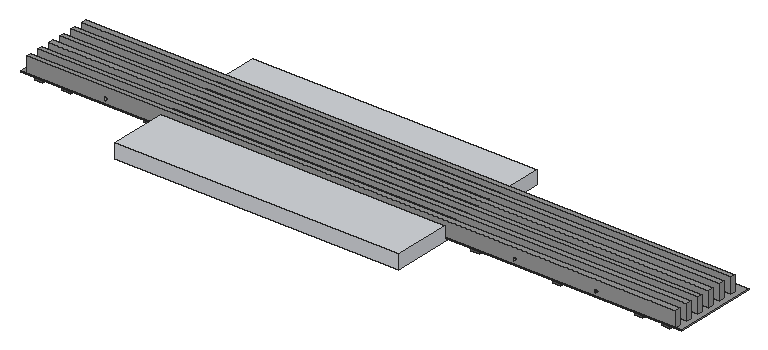
Revit family "1413-6, Solid", category Generic Models, host Face, Revit 2020
Family settings
  Host = Face
  Can host rebar = No
  Round Connector Dimension = Use Diameter
  Part Type = Normal
  Cut with Voids When Loaded = No
  Shared = No
  Room Calculation Point = No
Parameters
  min_value [instance] = 2' - 4"  # constant formula
  max_value [instance] = 11' - 11 1/4"  # constant formula
  actual_value [instance] = if(NET LENGTH < min_value, min_value, if(NET LENGTH > max_value, max_value, NET LENGTH))  # 7' - 11 1/4"
  SCRIM MATERIAL [instance] = SCRIM
  SCRIM APPEARANCE [instance] = yes
  NET LENGTH [instance] = 7' - 11 1/4"
  IMPORTANT NOTE!!!                                                                             *Backer & dowel layout is for visualization purposes only, final layout to be determined by 9Wood. [instance] = ""
  Default Elevation = 4' - 0"
  DOWEL RADIUS [instance] = 0' - 0 1/4"  # constant formula
  BACKER & DOWEL MATERIAL [instance] = BLACK-BACKERS
  .. MEMBER WIDTH [instance] = 0' - 0 3/4"  # constant formula
  .. MEMBER MATERIAL [instance] = Solid Western Hemlock
  .. MEMBER DEPTH [instance] = 0' - 2 1/4"  # constant formula
  .. MEMBER COUNT [instance] = 6  # constant formula
Reference planes (in)
  plane 1 "Center (Front/Back)": y = 0
  plane 2: z = 0
  plane 3 "Center (Left/Right)": x = 0
Forms (in)
  Extrusion 1, solid
    sketch origin (0, 0, 0) x (1, 0, 0) y (0, 1, 0)
      loop
        line (-24.24823, 14.63962) -> (-24.24823, -10.69266) -> (17.36192, -10.69266) -> (17.36192, 14.63962) -> (-24.24823, 14.63962)
    from 0 to 2.0625
Dimensions and locks (in)
  aligned and locked: plane 2 to Extrusion 1
Nested families (in)
  nested 1: "1400 series" at (-44.01308, -2.1224, 0.00189), NET LENGTH <- "actual_value", .. MEMBER DEPTH <- ".. MEMBER DEPTH", .. MEMBER WIDTH <- ".. MEMBER WIDTH", DOWEL RADIUS <- "DOWEL RADIUS", BACKER & DOWEL MATERIAL <- "BACKER & DOWEL MATERIAL", .. MEMBER MATERIAL <- ".. MEMBER MATERIAL", SCRIM MATERIAL <- "SCRIM MATERIAL", MEMBER COUNT <- ".. MEMBER COUNT", SCRIM APPEARANCE <- "SCRIM APPEARANCE", type "1400 series"
    with X 7' - 8", SCRIM MATERIAL SCRIM, SCRIM LENGTH 8' - 1", SCRIM APPEARANCE yes, SCRIM 2 0' - 0 7/8", SCRIM 1 0' - 0 3/32", OC TYP 1' - 0", NET LENGTH 7' - 11 1/4", N 8, MEMBER COUNT 6, INSET 2 0' - 0 3/16", INSET 0' - 1", HALF MEMBER WIDTH 0' - 0 3/8", END BACKER yes, DOWEL RADIUS 0' - 0 1/4", DOWEL INDEX 0' - 11 5/8", DOWEL COUNT 7, BACKING M COUNT 8, BACKER WIDTH 0' - 1 1/4", BACKER INDEX 0' - 5 5/8", BACKER DEPTH 0' - 0 1/2", BACKER & DOWEL MATERIAL BLACK-BACKERS, BACKER &  DOWEL LENGTH 0' - 11 7/8", .. MEMBER WIDTH 0' - 0 3/4", .. MEMBER OC TYP 0' - 2", .. MEMBER MATERIAL Solid Western Hemlock, .. MEMBER DEPTH 0' - 2 1/4"
Definition of nested family "1400 series"
  Parameters (values of type "1400 series")
    X [instance] = NET LENGTH - 0' 3 1/4"  # 7' - 2"
    SCRIM MATERIAL [instance] = none
    SCRIM APPEARANCE [instance] = yes
    SCRIM 2 [instance] = 0' - 0 7/8"  # constant formula
    SCRIM 1 [instance] = 0' - 0 3/32"  # constant formula
    OC TYP [instance] = 1' - 0"  # constant formula
    N [instance] = if((X - (rounddown(X / 1' 0") * 1' 0")) > 1' 0", rounddown(X / 1' 0") + 2, rounddown(X / 1' 0") + 1)  # 8
    MEMBER COUNT [instance] = 2
    INSET 5 = 0' - 0 11/16"  # constant formula
    INSET 2 [instance] = 0' - 0 3/16"  # constant formula
    INSET [instance] = 0' - 1"  # constant formula
    END BACKER [instance] = BACKER INDEX > 0' 3 5/8"  # no
    HALF MEMBER WIDTH [instance] = .. MEMBER WIDTH / 2  # 0' - 1 1/8"
    Default Elevation = 0' - 0"
    DOWEL RADIUS [instance] = 0' - 0 1/4"
    DOWEL INDEX [instance] = BACKER INDEX + 0' 6"  # 0' - 8 5/8"
    DOWEL COUNT [instance] = N - 1  # 7
    BACKER WIDTH [instance] = 0' - 1 1/4"  # constant formula
    BACKER INDEX [instance] = (NET LENGTH - ((N - 1) * 1' 0")) / 2  # 0' - 2 5/8"
    BACKER DEPTH [instance] = 0' - 0 1/2"  # constant formula
    BACKING M COUNT [instance] = N  # 8
    BACKER & DOWEL MATERIAL [instance] = none
    BACKER &  DOWEL LENGTH [instance] = 0' - 11 7/8"  # constant formula
    SCRIM LENGTH [instance] = NET LENGTH + (SCRIM 2 * 2)  # 7' - 7"
    .. MEMBER WIDTH [instance] = 0' - 2 1/4"
    .. MEMBER OC TYP [instance] = 1' 0" / MEMBER COUNT  # 0' - 6"
    .. MEMBER MATERIAL [instance] = none
    NET LENGTH [instance] = 7' - 5 1/4"
    .. MEMBER DEPTH [instance] = 0' - 4"
  Reference planes (in)
    plane 1 "Center (Front/Back)": y = 0
    plane 2: z = 0
    plane 3 "Center (Left/Right)": x = 0
    plane 4: x = 89.25
    plane 5: x = 1
    plane 6: x = 88.25
    plane 7: x = 2.625
    plane 8: x = 8.625
    plane 9: x = 14.625
    plane 10: x = 20.625
    plane 11: y = 0.1875
    plane 12: y = 1.125
    plane 13: y = 7.125
    plane 14: y = 12.0625
    plane 15: x = 90.125
    plane 16: x = -0.875
    plane 17: y = 12.15625
    plane 18: y = -0.09375
    plane 19: z = 2.7097
    plane 20: z = 0.49811
    plane 21: z = 0.56061
    plane 22: z = 1.24811
  Lines and regions (in)
    model lines, not visible
      curve 1: line (8.625, 0, 0.99811) -> (8.625, 0, 1.49811)
      curve 2: line (8.625, 0, 1.49811) -> (8.375, 0, 1.24811)
      curve 3: line (8.375, 0, 1.24811) -> (8.875, 0, 1.24811)
      curve 4: line (20.625, 0, 0.99811) -> (20.625, 0, 1.49811)
      curve 5: line (20.625, 0, 1.49811) -> (20.375, 0, 1.24811)
      curve 6: line (20.375, 0, 1.24811) -> (20.875, 0, 1.24811)
      curve 7: line (32.625, 0, 0.99811) -> (32.625, 0, 1.49811)
      curve 8: line (32.625, 0, 1.49811) -> (32.375, 0, 1.24811)
      curve 9: line (32.375, 0, 1.24811) -> (32.875, 0, 1.24811)
      curve 10: line (44.625, 0, 0.99811) -> (44.625, 0, 1.49811)
      curve 11: line (44.625, 0, 1.49811) -> (44.375, 0, 1.24811)
      curve 12: line (44.375, 0, 1.24811) -> (44.875, 0, 1.24811)
      curve 13: line (56.625, 0, 0.99811) -> (56.625, 0, 1.49811)
      curve 14: line (56.625, 0, 1.49811) -> (56.375, 0, 1.24811)
      curve 15: line (56.375, 0, 1.24811) -> (56.875, 0, 1.24811)
      curve 16: line (68.625, 0, 0.99811) -> (68.625, 0, 1.49811)
      curve 17: line (68.625, 0, 1.49811) -> (68.375, 0, 1.24811)
      curve 18: line (68.375, 0, 1.24811) -> (68.875, 0, 1.24811)
      curve 19: line (80.625, 0, 0.99811) -> (80.625, 0, 1.49811)
      curve 20: line (80.625, 0, 1.49811) -> (80.375, 0, 1.24811)
      curve 21: line (80.375, 0, 1.24811) -> (80.875, 0, 1.24811)
  Dimensions and locks (in)
    "INSET": plane 3 "Center (Left/Right)" to plane 5
    "NET LENGTH": plane 3 "Center (Left/Right)" to plane 4
    "INSET": plane 6 to plane 4
    "BACKER INDEX": plane 3 "Center (Left/Right)" to plane 7
    "DOWEL INDEX": plane 3 "Center (Left/Right)" to plane 8
    "OC TYP": plane 7 to plane 9
    "OC TYP": plane 8 to plane 10
    "INSET 2": plane 1 "Center (Front/Back)" to plane 11
    equal spacing: group 1, group 2, group 5, group 6, group 7, group 13, group 14, group 16  (x3)
    equal spacing: group 3, group 4, group 8, group 9, group 10, group 15, group 17  (x3)
    group 11 to group 12 = 0' - 0"  (x2)
    group 11 to group 12 = 0' - 6"
    ".. MEMBER OC TYP": plane 13 to plane 12
    "HALF MEMBER WIDTH": plane 1 "Center (Front/Back)" to plane 12
    "SCRIM 2": plane 16 to plane 3 "Center (Left/Right)"
    "SCRIM 2": plane 4 to plane 15
    "SCRIM 1": plane 18 to plane 1 "Center (Front/Back)"
    "SCRIM 1": plane 17 to plane 14
    "INSET 5": plane 22 to plane 21
    aligned and locked: level to plane 2
    aligned and locked: plane 7 to nested 2
    aligned and locked: plane 5 to nested 1
    aligned and locked: plane 9 to nested 3
    aligned and locked: nested 1 to plane 5
    aligned and locked: nested 2 to plane 11
    aligned and locked: nested 1 to plane 11
    aligned and locked: nested 3 to plane 11
    aligned and locked: nested 4 to plane 11  (x2)
    aligned and locked: plane 10 to nested 5
    aligned and locked: plane 6 to nested 12
    aligned and locked: nested 5 to plane 11
    aligned and locked: plane 11 to nested 12
    aligned and locked: plane 12 to nested 13
    aligned and locked: nested 14 to plane 13
    aligned and locked: plane 14 to nested 8
    aligned and locked: plane 16 to nested 15
    aligned and locked: nested 15 to plane 18
    aligned and locked: nested 15 to plane 17
    aligned and locked: nested 15 to plane 16  (x2)
    aligned and locked: nested 1 to level
    aligned and locked: level to nested 3
    aligned and locked: plane 20 to nested 2
    aligned and locked: plane 20 to nested 1
    aligned and locked: plane 20 to nested 3
    aligned and locked: nested 12 to plane 20
    aligned and locked: nested 15 to plane 20
    aligned and locked: plane 21 to nested 15
    aligned and locked: nested 13 to plane 21
    aligned and locked: plane 22 to nested 4
    aligned and locked: plane 22 to nested 5
    aligned and locked: nested 13 to plane 8
    aligned and locked: plane 10 to nested 13
    aligned and locked: curve 1 to nested 13
    aligned and locked: nested 13 to curve 4
  Automatic sketch dimensions
    curve 3 to curve 1 = 0' - 0 1/4"  (x2)
    curve 1 to curve 3 = 0' - 0 1/4"
    curve 1 to curve 2 = 0' - 0 1/4"
    curve 6 to curve 4 = 0' - 0 1/4"  (x2)
    curve 4 to curve 6 = 0' - 0 1/4"
    curve 4 to curve 5 = 0' - 0 1/4"
    curve 9 to curve 7 = 0' - 0 1/4"  (x2)
    curve 7 to curve 9 = 0' - 0 1/4"
    curve 7 to curve 8 = 0' - 0 1/4"
    curve 12 to curve 10 = 0' - 0 1/4"  (x2)
    curve 10 to curve 12 = 0' - 0 1/4"
    curve 10 to curve 11 = 0' - 0 1/4"
    curve 15 to curve 13 = 0' - 0 1/4"  (x2)
    curve 13 to curve 15 = 0' - 0 1/4"
    curve 13 to curve 14 = 0' - 0 1/4"
    curve 18 to curve 16 = 0' - 0 1/4"  (x2)
    curve 16 to curve 18 = 0' - 0 1/4"
    curve 16 to curve 17 = 0' - 0 1/4"
    curve 21 to curve 19 = 0' - 0 1/4"  (x2)
    curve 19 to curve 21 = 0' - 0 1/4"
    curve 19 to curve 20 = 0' - 0 1/4"
  Nested families (in)
    nested 1: "INSTANCE - 3RD -  EXTEND BOTH SIDES - Parametric Cube.0001" at (1, 0.1875, 0.49811), Length <- "BACKER &  DOWEL LENGTH", Width <- "BACKER WIDTH", Height <- "BACKER DEPTH", Material <- "BACKER & DOWEL MATERIAL", visible <- "END BACKER", type "INSTANCE - 3RD -  EXTEND BOTH SIDES - Parametric Cube.0001"
      with Width 0' - 1 1/4", Material none, Length 0' - 11 7/8", Height 0' - 0 1/2"
    nested 2: "INSTANCE - 2ND -  EXTEND SIDE H CENTER W - Parametric Cube.0001" at (2.625, 0.1875, 0.49811), Width <- "BACKER WIDTH", Length <- "BACKER &  DOWEL LENGTH", Height <- "BACKER DEPTH", Material <- "BACKER & DOWEL MATERIAL", type "INSTANCE - 2ND -  EXTEND SIDE H CENTER W - Parametric Cube.0001"
      with Width 0' - 1 1/4", Material none, Length 0' - 11 7/8", Height 0' - 0 1/2"
    nested 3: "INSTANCE - 2ND -  EXTEND SIDE H CENTER W - Parametric Cube.0001" at (14.625, 0.1875, 0.49811), Width <- "BACKER WIDTH", Length <- "BACKER &  DOWEL LENGTH", Height <- "BACKER DEPTH", Material <- "BACKER & DOWEL MATERIAL", type "INSTANCE - 2ND -  EXTEND SIDE H CENTER W - Parametric Cube.0001"
      with Width 0' - 1 1/4", Material none, Length 0' - 11 7/8", Height 0' - 0 1/2"
    nested 4: "DOWEL" at (-1.375, 0.1875, 1.24811), DOWEL LENGTH <- "BACKER &  DOWEL LENGTH", DOWEL RADII <- "DOWEL RADIUS", BACKING MEM MATERIAL <- "BACKER & DOWEL MATERIAL", type "DOWEL"
      with DOWEL RADII 0' - 0 1/4", DOWEL LENGTH 0' - 11 7/8", BACKING MEM MATERIAL none
    nested 5: "DOWEL" at (10.625, 0.1875, 1.24811), DOWEL LENGTH <- "BACKER &  DOWEL LENGTH", DOWEL RADII <- "DOWEL RADIUS", BACKING MEM MATERIAL <- "BACKER & DOWEL MATERIAL", type "DOWEL"
      with DOWEL RADII 0' - 0 1/4", DOWEL LENGTH 0' - 11 7/8", BACKING MEM MATERIAL none
    nested 6: "INSTANCE - 2ND -  EXTEND SIDE H CENTER W - Parametric Cube.0001" at (26.625, 0.1875, 0.49811), Width <- "BACKER WIDTH", Length <- "BACKER &  DOWEL LENGTH", Height <- "BACKER DEPTH", Material <- "BACKER & DOWEL MATERIAL", type "INSTANCE - 2ND -  EXTEND SIDE H CENTER W - Parametric Cube.0001"
      with Width 0' - 1 1/4", Material none, Length 0' - 11 7/8", Height 0' - 0 1/2"
    nested 7: "INSTANCE - 2ND -  EXTEND SIDE H CENTER W - Parametric Cube.0001" at (38.625, 0.1875, 0.49811), Width <- "BACKER WIDTH", Length <- "BACKER &  DOWEL LENGTH", Height <- "BACKER DEPTH", Material <- "BACKER & DOWEL MATERIAL", type "INSTANCE - 2ND -  EXTEND SIDE H CENTER W - Parametric Cube.0001"
      with Width 0' - 1 1/4", Material none, Length 0' - 11 7/8", Height 0' - 0 1/2"
    nested 8: "INSTANCE - 2ND -  EXTEND SIDE H CENTER W - Parametric Cube.0001" at (50.625, 0.1875, 0.49811), Width <- "BACKER WIDTH", Length <- "BACKER &  DOWEL LENGTH", Height <- "BACKER DEPTH", Material <- "BACKER & DOWEL MATERIAL", type "INSTANCE - 2ND -  EXTEND SIDE H CENTER W - Parametric Cube.0001"
      with Width 0' - 1 1/4", Material none, Length 0' - 11 7/8", Height 0' - 0 1/2"
    nested 9: "DOWEL" at (22.625, 0.1875, 1.24811), DOWEL LENGTH <- "BACKER &  DOWEL LENGTH", DOWEL RADII <- "DOWEL RADIUS", BACKING MEM MATERIAL <- "BACKER & DOWEL MATERIAL", type "DOWEL"
      with DOWEL RADII 0' - 0 1/4", DOWEL LENGTH 0' - 11 7/8", BACKING MEM MATERIAL none
    nested 10: "DOWEL" at (34.625, 0.1875, 1.24811), DOWEL LENGTH <- "BACKER &  DOWEL LENGTH", DOWEL RADII <- "DOWEL RADIUS", BACKING MEM MATERIAL <- "BACKER & DOWEL MATERIAL", type "DOWEL"
      with DOWEL RADII 0' - 0 1/4", DOWEL LENGTH 0' - 11 7/8", BACKING MEM MATERIAL none
    nested 11: "DOWEL" at (46.625, 0.1875, 1.24811), DOWEL LENGTH <- "BACKER &  DOWEL LENGTH", DOWEL RADII <- "DOWEL RADIUS", BACKING MEM MATERIAL <- "BACKER & DOWEL MATERIAL", type "DOWEL"
      with DOWEL RADII 0' - 0 1/4", DOWEL LENGTH 0' - 11 7/8", BACKING MEM MATERIAL none
    nested 12: "INSTANCE - 3RD -  EXTEND BOTH SIDES - Parametric Cube.0001" at (88.25, 0.1875, 0.49811) x (-1, 0, 0) z (0, 0, 1), Width <- "BACKER WIDTH", Length <- "BACKER &  DOWEL LENGTH", Height <- "BACKER DEPTH", Material <- "BACKER & DOWEL MATERIAL", visible <- "END BACKER", type "INSTANCE - 3RD -  EXTEND BOTH SIDES - Parametric Cube.0001"
      with Width 0' - 1 1/4", Material none, Length 0' - 11 7/8", Height 0' - 0 1/2"
    nested 13: "HOLED MEMBER" at (0, -9.75, 8.12965), DOWEL INDEX <- "DOWEL INDEX", .. MEMBER LENGTH <- "NET LENGTH", .. MEMBER WIDTH <- ".. MEMBER WIDTH", DOWEL OC DIST <- "OC TYP", DOWEL RADII <- "DOWEL RADIUS", Material <- ".. MEMBER MATERIAL", DEPTH <- ".. MEMBER DEPTH", DOWEL COUNT <- "DOWEL COUNT", Space <- "INSET 5", type "HOLED MEMBER"
      with Space 0' - 0 11/16", Material none, Height 0' - 10.43096", HALF MEMBER WIDTH 0' - 1 1/8", DOWEL RADII 0' - 0 1/4", DOWEL OC DIST 1' - 0", DOWEL INDEX 0' - 8 5/8", DOWEL COUNT 7, DEPTH 0' - 4", .. MEMBER WIDTH 0' - 2 1/4", .. MEMBER LENGTH 7' - 5 1/4"
    nested 14: "HOLED MEMBER" at (0, -3.75, 8.12965), DOWEL INDEX <- "DOWEL INDEX", .. MEMBER LENGTH <- "NET LENGTH", .. MEMBER WIDTH <- ".. MEMBER WIDTH", DOWEL OC DIST <- "OC TYP", DOWEL RADII <- "DOWEL RADIUS", Material <- ".. MEMBER MATERIAL", DEPTH <- ".. MEMBER DEPTH", DOWEL COUNT <- "DOWEL COUNT", Space <- "INSET 5", type "HOLED MEMBER"
      with Space 0' - 0 11/16", Material none, Height 0' - 10.43096", HALF MEMBER WIDTH 0' - 1 1/8", DOWEL RADII 0' - 0 1/4", DOWEL OC DIST 1' - 0", DOWEL INDEX 0' - 8 5/8", DOWEL COUNT 7, DEPTH 0' - 4", .. MEMBER WIDTH 0' - 2 1/4", .. MEMBER LENGTH 7' - 5 1/4"
    nested 15: "INSTANCE - 3RD -  EXTEND BOTH SIDES - Parametric Cube.0001" at (-0.875, -0.09375, 0.56061), Width <- "SCRIM LENGTH", Material <- "SCRIM MATERIAL", visible <- "SCRIM APPEARANCE", type "INSTANCE - 3RD -  EXTEND BOTH SIDES - Parametric Cube.0001"
      with Width 7' - 7", Material none, Length 1' - 0 1/4", Height 0' - 0 1/16"
    nested 16: "INSTANCE - 2ND -  EXTEND SIDE H CENTER W - Parametric Cube.0001" at (62.625, 0.1875, 0.49811), Width <- "BACKER WIDTH", Length <- "BACKER &  DOWEL LENGTH", Height <- "BACKER DEPTH", Material <- "BACKER & DOWEL MATERIAL", type "INSTANCE - 2ND -  EXTEND SIDE H CENTER W - Parametric Cube.0001"
      with Width 0' - 1 1/4", Material none, Length 0' - 11 7/8", Height 0' - 0 1/2"
    nested 17: "INSTANCE - 2ND -  EXTEND SIDE H CENTER W - Parametric Cube.0001" at (74.625, 0.1875, 0.49811), Width <- "BACKER WIDTH", Length <- "BACKER &  DOWEL LENGTH", Height <- "BACKER DEPTH", Material <- "BACKER & DOWEL MATERIAL", type "INSTANCE - 2ND -  EXTEND SIDE H CENTER W - Parametric Cube.0001"
      with Width 0' - 1 1/4", Material none, Length 0' - 11 7/8", Height 0' - 0 1/2"
    nested 18: "DOWEL" at (58.625, 0.1875, 1.24811), DOWEL LENGTH <- "BACKER &  DOWEL LENGTH", DOWEL RADII <- "DOWEL RADIUS", BACKING MEM MATERIAL <- "BACKER & DOWEL MATERIAL", type "DOWEL"
      with DOWEL RADII 0' - 0 1/4", DOWEL LENGTH 0' - 11 7/8", BACKING MEM MATERIAL none
    nested 19: "INSTANCE - 2ND -  EXTEND SIDE H CENTER W - Parametric Cube.0001" at (86.625, 0.1875, 0.49811), Width <- "BACKER WIDTH", Length <- "BACKER &  DOWEL LENGTH", Height <- "BACKER DEPTH", Material <- "BACKER & DOWEL MATERIAL", type "INSTANCE - 2ND -  EXTEND SIDE H CENTER W - Parametric Cube.0001"
      with Width 0' - 1 1/4", Material none, Length 0' - 11 7/8", Height 0' - 0 1/2"
    nested 20: "DOWEL" at (70.625, 0.1875, 1.24811), DOWEL LENGTH <- "BACKER &  DOWEL LENGTH", DOWEL RADII <- "DOWEL RADIUS", BACKING MEM MATERIAL <- "BACKER & DOWEL MATERIAL", type "DOWEL"
      with DOWEL RADII 0' - 0 1/4", DOWEL LENGTH 0' - 11 7/8", BACKING MEM MATERIAL none
  Definition of nested family "INSTANCE - 3RD -  EXTEND BOTH SIDES - Parametric Cube.0001"
    Parameters (values of type "INSTANCE - 3RD -  EXTEND BOTH SIDES - Parametric Cube.0001")
      Width [instance] = 0' - 6"
      Material [instance] = none
      Length [instance] = 1' - 0"
      Height [instance] = 1' - 6"
      Default Elevation = 0' - 0"
    Reference planes (in)
      plane 1 "Center (Front/Back)": y = 0
      plane 2: z = 0
      plane 3 "Center (Left/Right)": x = 0
      plane 4: x = 6
      plane 5: y = 12
      plane 6: z = -18
    Forms (in)
      Extrusion 1, solid, material <- "Material"
        sketch origin (0, 6, 0) x (1, 0, 0) y (0, 1, 0)
          loop
            line (0, 6) -> (0, -6) -> (6, -6) -> (6, 6) -> (0, 6)
        from -18 to 0
    Dimensions and locks (in)
      "Height": plane 6 to level
      "Length": plane 1 "Center (Front/Back)" to plane 5
      "Width": plane 3 "Center (Left/Right)" to plane 4
      aligned and locked: plane 2 to level
      aligned and locked: Extrusion 1 sketch curve to plane 4
      aligned and locked: Extrusion 1 to plane 6
      aligned and locked: plane 5 to Extrusion 1
      aligned and locked: Extrusion 1 to plane 3 "Center (Left/Right)"
    Automatic sketch dimensions
      plane 1 "Center (Front/Back)" to Extrusion 1 sketch curve = 0' - 0"
      plane 5 to Extrusion 1 sketch curve = 0' - 0"
      Extrusion 1 sketch curve to plane 3 "Center (Left/Right)" = 0' - 0"
  Definition of nested family "INSTANCE - 2ND -  EXTEND SIDE H CENTER W - Parametric Cube.0001"
    Parameters (values of type "INSTANCE - 2ND -  EXTEND SIDE H CENTER W - Parametric Cube.0001")
      Width [instance] = 0' - 6"
      Material [instance] = none
      Length [instance] = 1' - 0"
      Height [instance] = 1' - 6"
      Default Elevation = 0' - 0"
    Reference planes (in)
      plane 1 "Center (Front/Back)": y = 0
      plane 2: z = 0
      plane 3 "Center (Left/Right)": x = 0
      plane 4: x = -3
      plane 5: x = 3
      plane 6: y = 12
      plane 7: z = -18
    Forms (in)
      Extrusion 1, solid, material <- "Material"
        sketch origin (0, 6, 0) x (1, 0, 0) y (0, 1, 0)
          loop
            line (-3, 6) -> (-3, -6) -> (3, -6) -> (3, 6) -> (-3, 6)
        from -18 to 0
    Dimensions and locks (in)
      equal spacing: plane 4, plane 3 "Center (Left/Right)", plane 5
      "Width": plane 4 to plane 5
      "Height": plane 7 to level
      "Length": plane 1 "Center (Front/Back)" to plane 6
      aligned and locked: plane 2 to level
      aligned and locked: plane 4 to Extrusion 1 sketch curve
      aligned and locked: Extrusion 1 sketch curve to plane 5
      aligned and locked: Extrusion 1 to plane 7
      aligned and locked: plane 6 to Extrusion 1
    Automatic sketch dimensions
      plane 1 "Center (Front/Back)" to Extrusion 1 sketch curve = 0' - 0"
      plane 6 to Extrusion 1 sketch curve = 0' - 0"
  Definition of nested family "DOWEL"
    Parameters (values of type "DOWEL")
      Default Elevation = 0' - 0"
      DOWEL RADII [instance] = 0' - 0 5/8"
      DOWEL LENGTH [instance] = 1' - 0"
      BACKING MEM MATERIAL [instance] = none
    Reference planes (in)
      plane 1 "Center (Front/Back)": y = 0
      plane 2: z = 0
      plane 3 "Center (Left/Right)": x = 0
      plane 4: y = 12
    Forms (in)
      Extrusion 1, solid, material <- "BACKING MEM MATERIAL"
        sketch origin (10, 0, 0) x (1, 0, 0) y (0, 0, 1)
          loop
            circle (0, 0) r 0.625
        from 0 to -12
      Extrusion 2, solid, not visible
        sketch origin (0, 0, 0) x (1, 0, 0) y (0, 0, 1)
          loop
            circle (0, 0) r 0.625
        from 0 to 12
      Extrusion 3, solid, not visible
        sketch origin (10, 0, 0) x (1, 0, 0) y (0, 0, 1)
          loop
            circle (0, 0) r 0.625
        from 0 to 2.5
      Extrusion 4, solid, not visible
        sketch origin (10, 0, 0) x (1, 0, 0) y (0, 0, 1)
          loop
            circle (0, 0) r 0.625
        from 0 to -12
    Lines and regions (in)
      model lines, not visible
        curve 1: line (-13, 0, 0) -> (-13, -12, 0)
        curve 2: line (13, 0, 0) -> (13, -12, 0)
        curve 3: line (9.89453, 0, 0) -> (10.08794, 0, 0)
        curve 4: line (9.89453, -2.5, 0) -> (10.08794, -2.5, 0)
        curve 6: line (10, 0, 0) -> (10, 2, 0)
      model lines
        curve 5: line (10, 0, 0) -> (10, 2, 0)
    Dimensions and locks (in)
      "DOWEL LENGTH": plane 1 "Center (Front/Back)" to plane 4
      "DOWEL RADII": radius of Extrusion 1 sketch curve
      "DOWEL RADII": radius of Extrusion 2 sketch curve
      "DOWEL RADII": radius of Extrusion 3 sketch curve
      "DOWEL RADII": radius of Extrusion 4 sketch curve
      "DOWEL RADII": radius of Extrusion 1
      aligned and locked: plane 2 to level
      aligned and locked: Extrusion 1 to plane 1 "Center (Front/Back)"  (x3)
      aligned and locked: plane 1 "Center (Front/Back)" to Extrusion 1
      aligned and locked: plane 4 to Extrusion 1
    Automatic sketch dimensions
      plane 1 "Center (Front/Back)" to curve 5 = 0' - 0"
      curve 5 to plane 1 "Center (Front/Back)" = 0' - 2"
      plane 3 "Center (Left/Right)" to curve 5 = 0' - 10"
      Extrusion 1 sketch curve to level = 0' - 0"
      plane 3 "Center (Left/Right)" to Extrusion 1 sketch curve = 0' - 10"
  Definition of nested family "HOLED MEMBER"
    Parameters (values of type "HOLED MEMBER")
      Space [instance] = 0' - 0 5/8"
      Material [instance] = none
      Height [instance] = 0' - 10.43096"
      HALF MEMBER WIDTH [instance] = .. MEMBER WIDTH / 2  # 0' - 0 5/16"
      Default Elevation = 0' - 0"
      DOWEL RADII [instance] = 0' - 0.34537"
      DOWEL OC DIST [instance] = 1' - 0"
      DOWEL INSET = 0' - 0 5/8"
      DOWEL INDEX [instance] = 0' - 5 5/8"
      DOWEL COUNT [instance] = 6
      DEPTH [instance] = 0' - 2"
      .. MEMBER WIDTH [instance] = 0' - 0 5/8"
      .. MEMBER LENGTH [instance] = 5' - 11 3/4"
    Reference planes (in)
      plane 1 "Center (Front/Back)": y = 12
      plane 2: z = -7.56904
      plane 3 "Center (Left/Right)": x = 0
      plane 4: x = 5.625
      plane 5: x = 17.625
      plane 6: y = 11.375
      plane 7: x = 71.75
      plane 8: y = 11.6875
      plane 9: z = -6.94404
      plane 10: z = -5.56904
    Forms (in)
      Extrusion 1, solid, material <- "Material"
        sketch origin (0, 12, -13.56904) x (1, 0, 0) y (0, 0, 1)
          loop
            line (0, 6) -> (71.75, 6) -> (71.75, 8) -> (0, 8) -> (0, 6)
        from 0.625 to 0
      Extrusion 2, void
        sketch origin (0, 12, -18.31904) x (1, 0, 0) y (0, 0, 1)
          loop
            circle (5.625, 11.375) r 0.34537
        from 0 to 12
      Extrusion 3, void, not visible
        sketch origin (0, 0, 0) x (1, 0, 0) y (0, 1, 0)
          loop
            circle (5.625, 11.375) r 0.34537
        from 0 to 12
      Extrusion 4, void, not visible
        sketch origin (0, 0, 0) x (1, 0, 0) y (0, 1, 0)
          loop
            circle (5.625, 11.375) r 0.34537
        from 0 to 12
      Extrusion 5, void, not visible
        sketch origin (12, 0, 0) x (1, 0, 0) y (0, 1, 0)
          loop
            circle (5.625, 11.375) r 0.34537
        from 0 to 12
      Extrusion 6, void, not visible
        sketch origin (0, 12, -17.56904) x (1, 0, 0) y (0, 0, 1)
          loop
            circle (5.625, 11.375) r 0.34537
        from 0 to 12
      Extrusion 7, void, not visible
        sketch origin (12, 12, -17.56904) x (1, 0, 0) y (0, 0, 1)
          loop
            circle (5.625, 11.375) r 0.34537
        from 0 to 12
      Extrusion 8, void, not visible
        sketch origin (0, 12, -19.56904) x (1, 0, 0) y (0, 0, 1)
          loop
            circle (5.625, 11.375) r 0.34537
        from 0 to 12
      Extrusion 9, void
        sketch origin (12, 12, -18.31904) x (1, 0, 0) y (0, 0, 1)
          loop
            circle (5.625, 11.375) r 0.34537
        from 0 to 12
      Extrusion 10, void
        sketch origin (24, 12, -18.31904) x (1, 0, 0) y (0, 0, 1)
          loop
            circle (5.625, 11.375) r 0.34537
        from 0 to 12
      Extrusion 11, void
        sketch origin (36, 12, -18.31904) x (1, 0, 0) y (0, 0, 1)
          loop
            circle (5.625, 11.375) r 0.34537
        from 0 to 12
      Extrusion 12, void
        sketch origin (48, 12, -18.31904) x (1, 0, 0) y (0, 0, 1)
          loop
            circle (5.625, 11.375) r 0.34537
        from 0 to 12
      Extrusion 13, void
        sketch origin (60, 12, -18.31904) x (1, 0, 0) y (0, 0, 1)
          loop
            circle (5.625, 11.375) r 0.34537
        from 0 to 12
      Extrusion 14, void, not visible
        sketch origin (24, 12, -17.56904) x (1, 0, 0) y (0, 0, 1)
          loop
            circle (5.625, 11.375) r 0.34537
        from 0 to 12
      Extrusion 15, void, not visible
        sketch origin (36, 12, -17.56904) x (1, 0, 0) y (0, 0, 1)
          loop
            circle (5.625, 11.375) r 0.34537
        from 0 to 12
      Extrusion 16, void, not visible
        sketch origin (48, 12, -17.56904) x (1, 0, 0) y (0, 0, 1)
          loop
            circle (5.625, 11.375) r 0.34537
        from 0 to 12
      Extrusion 17, void, not visible
        sketch origin (60, 12, -17.56904) x (1, 0, 0) y (0, 0, 1)
          loop
            circle (5.625, 11.375) r 0.34537
        from 0 to 12
      Extrusion 18, void, not visible
        sketch origin (24, 0, 0) x (1, 0, 0) y (0, 1, 0)
          loop
            circle (5.625, 11.375) r 0.34537
        from 0 to 12
      Extrusion 19, void, not visible
        sketch origin (36, 0, 0) x (1, 0, 0) y (0, 1, 0)
          loop
            circle (5.625, 11.375) r 0.34537
        from 0 to 12
      Extrusion 20, void, not visible
        sketch origin (48, 0, 0) x (1, 0, 0) y (0, 1, 0)
          loop
            circle (5.625, 11.375) r 0.34537
        from 0 to 12
      Extrusion 21, void, not visible
        sketch origin (60, 0, 0) x (1, 0, 0) y (0, 1, 0)
          loop
            circle (5.625, 11.375) r 0.34537
        from 0 to 12
    Cuts and joins
      Extrusion 2, Extrusion 9, Extrusion 10, Extrusion 11, Extrusion 12, Extrusion 13 cuts Extrusion 1
    Lines and regions (in)
      model lines, not visible
        curve 1: line (5.625, 11.72037, 0) -> (5.625, 11.02963, 0)
        curve 2: line (5.625, 11.72037, 0) -> (5.625, 11.02963, 0)
        curve 3: line (17.625, 11.72037, 0) -> (17.625, 11.02963, 0)
        curve 4: line (5.625, 12, -7.56904) -> (5.625, 11.87317, -7.56904)
        curve 5: line (5.625, 11.87317, -7.56904) -> (5.06195, 11.87317, -7.56904)
        curve 6: line (5.06195, 11.87317, -7.56904) -> (5.27963, 11.375, -7.56904)
        curve 7: line (0, 12, -6.19404) -> (0, 11.61951, -6.19404)
        curve 9: line (0, 11.375, -8.19404) -> (0, 11.6747, -8.19404)
        curve 10: line (5.625, 12, -7.56904) -> (5.625, 11.69863, -7.56904)
        curve 11: line (5.625, 12, -7.56904) -> (5.625, 11.69863, -7.56904)
        curve 12: line (5.625, 10.75, 0) -> (5.625, 10.75, 0.30137)
        curve 13: line (5.625, 10.75, 0) -> (5.625, 10.75, 0.30137)
        curve 14: line (17.625, 10.75, 0) -> (17.625, 10.75, 0.30137)
        curve 15: line (5.625, 12, -6.81904) -> (5.625, 11.69863, -6.81904)
        curve 16: line (17.625, 12, -6.81904) -> (17.625, 11.69863, -6.81904)
        curve 17: line (5.625, 12, -8.81904) -> (5.625, 11.69863, -8.81904)
        curve 18: line (17.625, 12, -7.56904) -> (17.625, 11.69863, -7.56904)
        curve 19: line (29.625, 12, -7.56904) -> (29.625, 11.69863, -7.56904)
        curve 20: line (41.625, 12, -7.56904) -> (41.625, 11.69863, -7.56904)
        curve 21: line (53.625, 12, -7.56904) -> (53.625, 11.69863, -7.56904)
        curve 22: line (65.625, 12, -7.56904) -> (65.625, 11.69863, -7.56904)
        curve 23: line (29.625, 12, -6.81904) -> (29.625, 11.69863, -6.81904)
        curve 24: line (41.625, 12, -6.81904) -> (41.625, 11.69863, -6.81904)
        curve 25: line (53.625, 12, -6.81904) -> (53.625, 11.69863, -6.81904)
        curve 26: line (65.625, 12, -6.81904) -> (65.625, 11.69863, -6.81904)
        curve 27: line (29.625, 11.72037, 0) -> (29.625, 11.02963, 0)
        curve 28: line (29.625, 10.75, 0) -> (29.625, 10.75, 0.30137)
        curve 29: line (41.625, 11.72037, 0) -> (41.625, 11.02963, 0)
        curve 30: line (41.625, 10.75, 0) -> (41.625, 10.75, 0.30137)
        curve 31: line (53.625, 11.72037, 0) -> (53.625, 11.02963, 0)
        curve 32: line (53.625, 10.75, 0) -> (53.625, 10.75, 0.30137)
        curve 33: line (65.625, 11.72037, 0) -> (65.625, 11.02963, 0)
        curve 34: line (65.625, 10.75, 0) -> (65.625, 10.75, 0.30137)
        curve 35: line (5.27963, 12, -6.94404) -> (5.97037, 12, -6.94404)
        curve 36: line (5.97037, 12, -6.94404) -> (5.625, 12, -6.59867)
        curve 37: line (5.625, 12, -6.59867) -> (5.625, 12, -7.28941)
        curve 38: line (5.27963, 11.375, 0) -> (5.97037, 11.375, 0)
        curve 39: line (5.97037, 11.375, 0) -> (5.625, 11.72037, 0)
        curve 40: line (5.625, 11.72037, 0) -> (5.625, 11.02963, 0)
        curve 41: line (5.27963, 11.375, 0) -> (5.97037, 11.375, 0)
        curve 42: line (5.97037, 11.375, 0) -> (5.625, 11.72037, 0)
        curve 43: line (5.625, 11.72037, 0) -> (5.625, 11.02963, 0)
        curve 44: line (17.27963, 11.375, 0) -> (17.97037, 11.375, 0)
        curve 45: line (17.97037, 11.375, 0) -> (17.625, 11.72037, 0)
        curve 46: line (17.625, 11.72037, 0) -> (17.625, 11.02963, 0)
        curve 47: line (5.27963, 12, -6.19404) -> (5.97037, 12, -6.19404)
        curve 48: line (5.97037, 12, -6.19404) -> (5.625, 12, -5.84867)
        curve 49: line (5.625, 12, -5.84867) -> (5.625, 12, -6.53941)
        curve 50: line (17.27963, 12, -6.19404) -> (17.97037, 12, -6.19404)
        curve 51: line (17.97037, 12, -6.19404) -> (17.625, 12, -5.84867)
        curve 52: line (17.625, 12, -5.84867) -> (17.625, 12, -6.53941)
        curve 53: line (5.27963, 12, -8.19404) -> (5.97037, 12, -8.19404)
        curve 54: line (5.97037, 12, -8.19404) -> (5.625, 12, -7.84867)
        curve 55: line (5.625, 12, -7.84867) -> (5.625, 12, -8.53941)
        curve 56: line (17.27963, 12, -6.94404) -> (17.97037, 12, -6.94404)
        curve 57: line (17.97037, 12, -6.94404) -> (17.625, 12, -6.59867)
        curve 58: line (17.625, 12, -6.59867) -> (17.625, 12, -7.28941)
        curve 59: line (29.27963, 12, -6.94404) -> (29.97037, 12, -6.94404)
        curve 60: line (29.97037, 12, -6.94404) -> (29.625, 12, -6.59867)
        curve 61: line (29.625, 12, -6.59867) -> (29.625, 12, -7.28941)
        curve 62: line (41.27963, 12, -6.94404) -> (41.97037, 12, -6.94404)
        curve 63: line (41.97037, 12, -6.94404) -> (41.625, 12, -6.59867)
        curve 64: line (41.625, 12, -6.59867) -> (41.625, 12, -7.28941)
        curve 65: line (53.27963, 12, -6.94404) -> (53.97037, 12, -6.94404)
        curve 66: line (53.97037, 12, -6.94404) -> (53.625, 12, -6.59867)
        curve 67: line (53.625, 12, -6.59867) -> (53.625, 12, -7.28941)
        curve 68: line (65.27963, 12, -6.94404) -> (65.97037, 12, -6.94404)
        curve 69: line (65.97037, 12, -6.94404) -> (65.625, 12, -6.59867)
        curve 70: line (65.625, 12, -6.59867) -> (65.625, 12, -7.28941)
        curve 71: line (29.27963, 12, -6.19404) -> (29.97037, 12, -6.19404)
        curve 72: line (29.97037, 12, -6.19404) -> (29.625, 12, -5.84867)
        curve 73: line (29.625, 12, -5.84867) -> (29.625, 12, -6.53941)
        curve 74: line (41.27963, 12, -6.19404) -> (41.97037, 12, -6.19404)
        curve 75: line (41.97037, 12, -6.19404) -> (41.625, 12, -5.84867)
        curve 76: line (41.625, 12, -5.84867) -> (41.625, 12, -6.53941)
        curve 77: line (53.27963, 12, -6.19404) -> (53.97037, 12, -6.19404)
        curve 78: line (53.97037, 12, -6.19404) -> (53.625, 12, -5.84867)
        curve 79: line (53.625, 12, -5.84867) -> (53.625, 12, -6.53941)
        curve 80: line (65.27963, 12, -6.19404) -> (65.97037, 12, -6.19404)
        curve 81: line (65.97037, 12, -6.19404) -> (65.625, 12, -5.84867)
        curve 82: line (65.625, 12, -5.84867) -> (65.625, 12, -6.53941)
        curve 83: line (29.27963, 11.375, 0) -> (29.97037, 11.375, 0)
        curve 84: line (29.97037, 11.375, 0) -> (29.625, 11.72037, 0)
        curve 85: line (29.625, 11.72037, 0) -> (29.625, 11.02963, 0)
        curve 86: line (41.27963, 11.375, 0) -> (41.97037, 11.375, 0)
        curve 87: line (41.97037, 11.375, 0) -> (41.625, 11.72037, 0)
        curve 88: line (41.625, 11.72037, 0) -> (41.625, 11.02963, 0)
        curve 89: line (53.27963, 11.375, 0) -> (53.97037, 11.375, 0)
        curve 90: line (53.97037, 11.375, 0) -> (53.625, 11.72037, 0)
        curve 91: line (53.625, 11.72037, 0) -> (53.625, 11.02963, 0)
        curve 92: line (65.27963, 11.375, 0) -> (65.97037, 11.375, 0)
        curve 93: line (65.97037, 11.375, 0) -> (65.625, 11.72037, 0)
        curve 94: line (65.625, 11.72037, 0) -> (65.625, 11.02963, 0)
      model lines
        curve 8: line (5.625, 12, -7.56904) -> (5.625, 11.69863, -7.56904)
    Dimensions and locks (in)
      "DOWEL INDEX": plane 3 "Center (Left/Right)" to plane 4
      "DOWEL OC DIST": plane 4 to plane 5
      ".. MEMBER LENGTH": plane 3 "Center (Left/Right)" to plane 7
      equal spacing: group 3, group 4, group 21, group 22, group 23, group 24  (x3)
      equal spacing: group 7, group 8, group 17, group 18, group 19, group 20  (x3)
      ".. MEMBER WIDTH": plane 6 to plane 1 "Center (Front/Back)"
      "HALF MEMBER WIDTH": plane 8 to plane 1 "Center (Front/Back)"
      equal spacing: group 1, group 12, group 13, group 14, group 15, group 16  (x2)
      equal spacing: group 16, group 15, group 14, group 13, group 12, group 1
      "DEPTH": plane 10 to level
      "Space": plane 9 to level
      "DOWEL RADII": radius of Extrusion 2 sketch curve
      "DOWEL RADII": radius of Extrusion 3 sketch curve
      "DOWEL RADII": radius of Extrusion 4 sketch curve
      "DOWEL RADII": radius of Extrusion 5 sketch curve
      "DOWEL RADII": radius of Extrusion 6 sketch curve
      "DOWEL RADII": radius of Extrusion 7 sketch curve
      "DOWEL RADII": radius of Extrusion 8 sketch curve
      "DOWEL RADII": radius of Extrusion 9 sketch curve
      "DOWEL RADII": radius of Extrusion 10 sketch curve
      "DOWEL RADII": radius of Extrusion 11 sketch curve
      "DOWEL RADII": radius of Extrusion 12 sketch curve
      "DOWEL RADII": radius of Extrusion 13 sketch curve
      "DOWEL RADII": radius of Extrusion 14 sketch curve
      "DOWEL RADII": radius of Extrusion 15 sketch curve
      "DOWEL RADII": radius of Extrusion 16 sketch curve
      "DOWEL RADII": radius of Extrusion 17 sketch curve
      "DOWEL RADII": radius of Extrusion 18 sketch curve
      "DOWEL RADII": radius of Extrusion 19 sketch curve
      "DOWEL RADII": radius of Extrusion 20 sketch curve
      "DOWEL RADII": radius of Extrusion 21 sketch curve
      aligned and locked: level to plane 2
      aligned and locked: Extrusion 1 to plane 3 "Center (Left/Right)"  (x2)
      aligned and locked: plane 7 to cut or joined group of Extrusion 1, Extrusion 2, Extrusion 9, Extrusion 10, Extrusion 11, Extrusion 12, Extrusion 13  (x2)
      aligned and locked: cut or joined group of Extrusion 1, Extrusion 2, Extrusion 9, Extrusion 10, Extrusion 11, Extrusion 12, Extrusion 13 to plane 1 "Center (Front/Back)"  (x2)
      aligned and locked: cut or joined group of Extrusion 1, Extrusion 2, Extrusion 9, Extrusion 10, Extrusion 11, Extrusion 12, Extrusion 13 to plane 6  (x2)
      aligned and locked: plane 4 to curve 11
      aligned and locked: curve 18 to plane 5
      aligned and locked: plane 4 to group 1
      aligned and locked: group 12 to plane 5
      aligned and locked: curve 35 to plane 9
      aligned and locked: plane 4 to curve 37
      aligned and locked: curve 56 to plane 9
      aligned and locked: curve 58 to plane 5
      aligned and locked: plane 10 to cut or joined group of Extrusion 1, Extrusion 2, Extrusion 9, Extrusion 10, Extrusion 11, Extrusion 12, Extrusion 13  (x2)
      aligned and locked: cut or joined group of Extrusion 1, Extrusion 2, Extrusion 9, Extrusion 10, Extrusion 11, Extrusion 12, Extrusion 13 to level
      aligned and locked: level to cut or joined group of Extrusion 1, Extrusion 2, Extrusion 9, Extrusion 10, Extrusion 11, Extrusion 12, Extrusion 13
    Automatic sketch dimensions
      curve 1 to curve 1 = 0' - 0.69074"
      curve 2 to curve 2 = 0' - 0.69074"
      curve 3 to curve 3 = 0' - 0.69074"
      Extrusion 1 sketch curve to plane 3 "Center (Left/Right)" = 0' - 0"
      Extrusion 1 sketch curve to plane 7 = 0' - 0"
      Extrusion 1 sketch curve to Extrusion 1 sketch curve = 0' - 2"
      Extrusion 1 sketch curve to level = 0' - 0"
      curve 8 to curve 8 = 0' - 0.30137"
      curve 10 to curve 10 = 0' - 0.30137"
      curve 8 to plane 4 = 0' - 0"
      plane 1 "Center (Front/Back)" to curve 8 = 0' - 0"
      plane 1 "Center (Front/Back)" to curve 8 = 0' - 0.30137"
      curve 11 to curve 11 = 0' - 0.30137"
      curve 12 to curve 12 = 0' - 0.30137"
      curve 13 to curve 13 = 0' - 0.30137"
      curve 14 to curve 14 = 0' - 0.30137"
      curve 15 to curve 15 = 0' - 0.30137"
      curve 16 to curve 16 = 0' - 0.30137"
      curve 17 to curve 17 = 0' - 0.30137"
      curve 18 to curve 18 = 0' - 0.30137"
      curve 19 to curve 19 = 0' - 0.30137"
      curve 20 to curve 20 = 0' - 0.30137"
      curve 21 to curve 21 = 0' - 0.30137"
      curve 22 to curve 22 = 0' - 0.30137"
      curve 23 to curve 23 = 0' - 0.30137"
      curve 24 to curve 24 = 0' - 0.30137"
      curve 25 to curve 25 = 0' - 0.30137"
      curve 26 to curve 26 = 0' - 0.30137"
      curve 27 to curve 27 = 0' - 0.69074"
      curve 28 to curve 28 = 0' - 0.30137"
      curve 29 to curve 29 = 0' - 0.69074"
      curve 30 to curve 30 = 0' - 0.30137"
      curve 31 to curve 31 = 0' - 0.69074"
      curve 32 to curve 32 = 0' - 0.30137"
      curve 33 to curve 33 = 0' - 0.69074"
      curve 34 to curve 34 = 0' - 0.30137"
      curve 37 to curve 35 = 0' - 0.34537"  (x2)
      curve 35 to curve 36 = 0' - 0.34537"
      curve 35 to curve 37 = 0' - 0.34537"
      curve 40 to curve 38 = 0' - 0.34537"  (x2)
      curve 38 to curve 39 = 0' - 0.34537"
      curve 38 to curve 40 = 0' - 0.34537"
      curve 43 to curve 41 = 0' - 0.34537"  (x2)
      curve 41 to curve 42 = 0' - 0.34537"
      curve 41 to curve 43 = 0' - 0.34537"
      curve 46 to curve 44 = 0' - 0.34537"  (x2)
      curve 44 to curve 45 = 0' - 0.34537"
      curve 44 to curve 46 = 0' - 0.34537"
      curve 49 to curve 47 = 0' - 0.34537"  (x2)
      curve 47 to curve 48 = 0' - 0.34537"
      curve 47 to curve 49 = 0' - 0.34537"
      curve 52 to curve 50 = 0' - 0.34537"  (x2)
      curve 50 to curve 51 = 0' - 0.34537"
      curve 50 to curve 52 = 0' - 0.34537"
      curve 55 to curve 53 = 0' - 0.34537"  (x2)
      curve 53 to curve 54 = 0' - 0.34537"
      curve 53 to curve 55 = 0' - 0.34537"
      curve 58 to curve 56 = 0' - 0.34537"  (x2)
      curve 56 to curve 57 = 0' - 0.34537"
      curve 56 to curve 58 = 0' - 0.34537"
      curve 61 to curve 59 = 0' - 0.34537"  (x2)
      curve 59 to curve 60 = 0' - 0.34537"
      curve 59 to curve 61 = 0' - 0.34537"
      curve 64 to curve 62 = 0' - 0.34537"  (x2)
      curve 62 to curve 63 = 0' - 0.34537"
      curve 62 to curve 64 = 0' - 0.34537"
      curve 67 to curve 65 = 0' - 0.34537"  (x2)
      curve 65 to curve 66 = 0' - 0.34537"
      curve 65 to curve 67 = 0' - 0.34537"
      curve 70 to curve 68 = 0' - 0.34537"  (x2)
      curve 68 to curve 69 = 0' - 0.34537"
      curve 68 to curve 70 = 0' - 0.34537"
      curve 73 to curve 71 = 0' - 0.34537"  (x2)
      curve 71 to curve 72 = 0' - 0.34537"
      curve 71 to curve 73 = 0' - 0.34537"
      curve 76 to curve 74 = 0' - 0.34537"  (x2)
      curve 74 to curve 75 = 0' - 0.34537"
      curve 74 to curve 76 = 0' - 0.34537"
      curve 79 to curve 77 = 0' - 0.34537"  (x2)
      curve 77 to curve 78 = 0' - 0.34537"
      curve 77 to curve 79 = 0' - 0.34537"
      curve 82 to curve 80 = 0' - 0.34537"  (x2)
      curve 80 to curve 81 = 0' - 0.34537"
      curve 80 to curve 82 = 0' - 0.34537"
      curve 85 to curve 83 = 0' - 0.34537"  (x2)
      curve 83 to curve 84 = 0' - 0.34537"
      curve 83 to curve 85 = 0' - 0.34537"
      curve 88 to curve 86 = 0' - 0.34537"  (x2)
      curve 86 to curve 87 = 0' - 0.34537"
      curve 86 to curve 88 = 0' - 0.34537"
      curve 91 to curve 89 = 0' - 0.34537"  (x2)
      curve 89 to curve 90 = 0' - 0.34537"
      curve 89 to curve 91 = 0' - 0.34537"
      curve 94 to curve 92 = 0' - 0.34537"  (x2)
      curve 92 to curve 93 = 0' - 0.34537"
      curve 92 to curve 94 = 0' - 0.34537"
